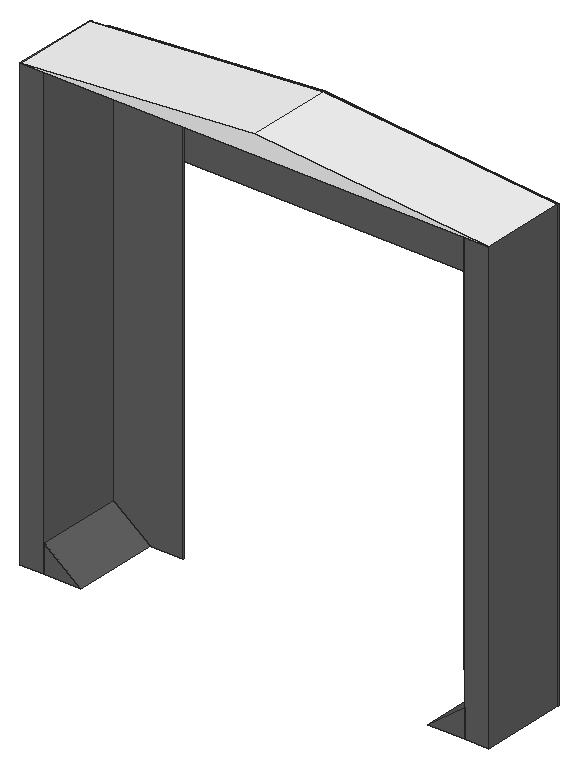
Revit family "Seals-Shelters_Serco_S-2200", category Generic Models, host Wall, Revit 2026
Family settings
  Host = Wall
  Can host rebar = No
  Round Connector Dimension = Use Diameter
  Part Type = Normal
  Always vertical = Yes
  Cut with Voids When Loaded = No
  Maintain Annotation Orientation = No
  Shared = No
  Room Calculation Point = No
Parameters (values of type "12'-6" x 12'-6", Swing-In Projection")
  Width = 12' - 6"
  URL = "https://www.entrematic.us/en/ent/entrematicus/"
  Height = 12' - 6"
  Projection = 2' - 4"
  Opening = 7' - 6"
  Model = "S-2200 Ultra Dock (FSR-1000 Foamside)"
  Manufacturer = "Entrematic"
  DropCurtain = 3' - 0"
  Description = "Foamside Dock Shelter"
  Default Elevation = 0' - 0"
  CurtainW = Width - 1' 0"  # 11' - 6"
Types (5): name | Width | Height | Projection | CurtainW
  (no name) | 12' - 6" | 12' - 6" | 2' - 4" | 11' - 6"
  11'-6" x 11', Standard Projection | 11' - 6" | 11' - 0" | 1' - 6" | 10' - 6"
  11'-6" x 11', Swing-In Projection | 11' - 6" | 11' - 0" | 2' - 4" | 10' - 6"
  12'-6" x 12'-6", Swing-In Projection | 12' - 6" | 12' - 6" | 2' - 4" | 11' - 6"
  12'-6" x 12'-6", Standard Projection | 12' - 6" | 12' - 6" | 1' - 6" | 11' - 6"
Reference planes (in)
  plane 1: y = 0
  plane 2 "Center (Left/Right)": x = 0
  plane 3 "Wall Edge": y = 3
  plane 4: x = -45
  plane 5: x = -75
  plane 6: x = 45
  plane 7: x = 75
  plane 8: z = 150
  plane 9: z = 144
  plane 10: y = 31
  plane 11: y = 3
  plane 12: y = 31.03125
  plane 13: z = 7.5
  plane 14: z = 16
  plane 15: x = 48
  plane 16: x = 51
  plane 17: x = -51
  plane 18: x = -48
  plane 19: z = 114
  plane 20: y = 30.75
  plane 21: x = 67.5
  plane 22: x = -67.5
  plane 23: z = 9
  plane 24: x = -55.5
  plane 25: z = 9
  plane 26: x = 55.5
  plane 27: x = -69
  plane 28: x = 69
  plane 29: y = 31.25
  plane 30: x = 87
Forms (in)
  Extrusion 1, solid, material "Guide Stripe"
    sketch origin (0, 3, 0) x (1, 0, 0) y (0, 0, 1)
      loop
        line (51, 7.5) -> (51, 16) -> (48, 16) -> (48, 7.5) -> (51, 7.5)
      loop
        line (-51, 7.5) -> (-48, 7.5) -> (-48, 16) -> (-51, 16) -> (-51, 7.5)
    from -28.03125 to -28
  Extrusion 2, solid, material "Black Vinyl"
    sketch origin (0, 3, 0) x (1, 0, 0) y (0, 0, 1)
      loop
        line (75, 144) -> (67.5, 144) -> (67.5, 0) -> (75, 0) -> (75, 144)
      loop
        line (-67.5, 144) -> (-75, 144) -> (-75, 0) -> (-67.5, 0) -> (-67.5, 144)
    from -27.75 to 0
  Extrusion 3, solid, material "Black Vinyl"
    sketch origin (0, 3, 0) x (1, 0, 0) y (0, 0, 1)
      loop
        line (75, 0) -> (75, 144) -> (0, 150) -> (-75, 144) -> (-75, 0) -> (-45, 0) -> (-45, 144) -> (45, 144) -> (45, 0) -> (75, 0)
    from -28 to -27.75
  Extrusion 4, solid, material "White Vinyl"
    sketch origin (0, 3, 0) x (1, 0, 0) y (0, 0, 1)
      loop
        line (75, 144) -> (0, 150) -> (-75, 144) -> (75, 144)
    from -27.75 to 0
  Extrusion 5, solid, material "Black Vinyl"
    sketch origin (0, 3, 0) x (1, 0, 0) y (0, 0, 1)
      loop
        line (-67.5, 9) -> (-67.5, 0) -> (-55.5, 0) -> (-67.5, 9)
      loop
        line (67.5, 9) -> (55.5, 0) -> (67.5, 0) -> (67.5, 9)
    from -27.75 to 0
  Extrusion 6, solid, material "Black Vinyl"
    sketch origin (0, 3, 0) x (1, 0, 0) y (0, 0, 1)
      loop
        line (69, 144.48) -> (0, 150) -> (-69, 144.48) -> (-69, 114) -> (69, 114) -> (69, 144.48)
    from -28 to -28.25
Text (in)
  text "Placement Side" at (0, 40.15149, 123.01588), in view "Right"
  text "Placement Side" at (-70.3804, 74.20961, 0), in view "Ref. Level"
  text "Placement Side" at (0, 127.63899, 140.59947), in view "Left"
Dimensions and locks (in)
  locked: plane 3 "Wall Edge" to host wall
  equal spacing: plane 6, plane 2 "Center (Left/Right)", plane 4
  equal spacing: plane 7, plane 2 "Center (Left/Right)", plane 5
  "Projection": plane 10 to plane 11
  plane 12 to plane 10 = 0' - 0 1/32"
  level to Extrusion 1 = 1' - 4"
  plane 16 to plane 15 to plane 6 = 0' - 3" locked, 0' - 3" locked
  plane 17 to plane 18 to plane 4 = 0' - 3" locked, 0' - 3" locked
  locked: plane 13 to plane 14 at 8.5
  locked: level to plane 13 at 7.5
  "Width": plane 7 to plane 5
  "Opening": plane 6 to plane 4
  "Height": level to plane 8
  locked: plane 9 to plane 8 at 6
  "DropCurtain": plane 19 to plane 8
  locked: plane 20 to plane 10 at 0.25
  locked: plane 21 to plane 7 at 7.5
  locked: plane 5 to plane 22 at 7.5
  locked: plane 23 to level at 9
  locked: plane 25 to level at 9
  locked: plane 24 to plane 22 at 12
  locked: plane 21 to plane 26 at 12
  equal spacing: plane 27, plane 2 "Center (Left/Right)", plane 28
  "CurtainW": plane 27 to plane 28
  locked: plane 29 to plane 10 at 0.25
  locked: plane 30 to plane 2 "Center (Left/Right)" at 87
  aligned and locked: plane 11 to host wall
  aligned and locked: Extrusion 1 to plane 10
  aligned and locked: plane 12 to Extrusion 1
  aligned and locked: plane 15 to Extrusion 1 sketch curve
  aligned and locked: Extrusion 1 sketch curve to plane 16
  aligned and locked: Extrusion 1 sketch curve to plane 13
  aligned and locked: Extrusion 1 sketch curve to plane 14
  aligned and locked: plane 13 to Extrusion 1 sketch curve
  aligned and locked: Extrusion 1 sketch curve to plane 17
  aligned and locked: plane 18 to Extrusion 1 sketch curve
  aligned and locked: plane 14 to Extrusion 1 sketch curve
  aligned and locked: plane 9 to Extrusion 2 sketch curve
  aligned and locked: plane 22 to Extrusion 2 sketch curve
  aligned and locked: Extrusion 2 sketch curve to level
  aligned and locked: Extrusion 2 sketch curve to plane 5
  aligned and locked: Extrusion 2 sketch curve to plane 7
  aligned and locked: plane 21 to Extrusion 2 sketch curve
  aligned and locked: Extrusion 2 sketch curve to plane 9
  aligned and locked: level to Extrusion 2 sketch curve
  aligned and locked: Extrusion 2 to plane 20
  aligned and locked: Extrusion 2 to plane 11
  aligned and locked: Extrusion 3 sketch curve to level  (x2)
  aligned and locked: Extrusion 3 sketch curve to plane 5
  aligned and locked: plane 7 to Extrusion 3 sketch curve
  aligned and locked: Extrusion 3 sketch curve to plane 6
  aligned and locked: plane 4 to Extrusion 3 sketch curve
  aligned and locked: Extrusion 3 to plane 10
  aligned and locked: Extrusion 3 to plane 20
  aligned and locked: plane 8 to Extrusion 4 sketch curve
  aligned and locked: plane 5 to Extrusion 4 sketch curve
  aligned and locked: plane 7 to Extrusion 4 sketch curve
  aligned and locked: Extrusion 4 sketch curve to plane 9
  aligned and locked: Extrusion 3 to Extrusion 4  (x2)
  aligned and locked: plane 20 to Extrusion 4
  aligned and locked: Extrusion 4 to plane 3 "Wall Edge"
  aligned and locked: Extrusion 5 sketch curve to plane 22
  aligned and locked: Extrusion 5 sketch curve to level
  aligned and locked: plane 24 to Extrusion 5 sketch curve
  aligned and locked: level to Extrusion 5 sketch curve
  aligned and locked: Extrusion 5 sketch curve to plane 21
  aligned and locked: plane 25 to Extrusion 5 sketch curve
  aligned and locked: plane 26 to Extrusion 5 sketch curve
  aligned and locked: plane 3 "Wall Edge" to Extrusion 5
  aligned and locked: plane 20 to Extrusion 5
  aligned and locked: plane 9 to Extrusion 3 sketch curve
  aligned and locked: Extrusion 6 sketch curve to Extrusion 3
  aligned and locked: Extrusion 3 to Extrusion 6 sketch curve
  aligned and locked: plane 27 to Extrusion 6 sketch curve
  aligned and locked: Extrusion 6 sketch curve to plane 28
  aligned and locked: Extrusion 6 sketch curve to plane 19
  aligned and locked: Extrusion 6 to plane 10
  aligned and locked: Extrusion 6 to plane 29
Automatic sketch dimensions
  Extrusion 4 sketch curve to plane 2 "Center (Left/Right)" = 0' - 0"
  Extrusion 5 sketch curve to plane 23 = 0' - 0"
  Extrusion 3 sketch curve to plane 2 "Center (Left/Right)" = 0' - 0"
  Extrusion 3 sketch curve to plane 9 = 0' - 0"  (x2)
  Extrusion 3 sketch curve to plane 8 = 0' - 0"
